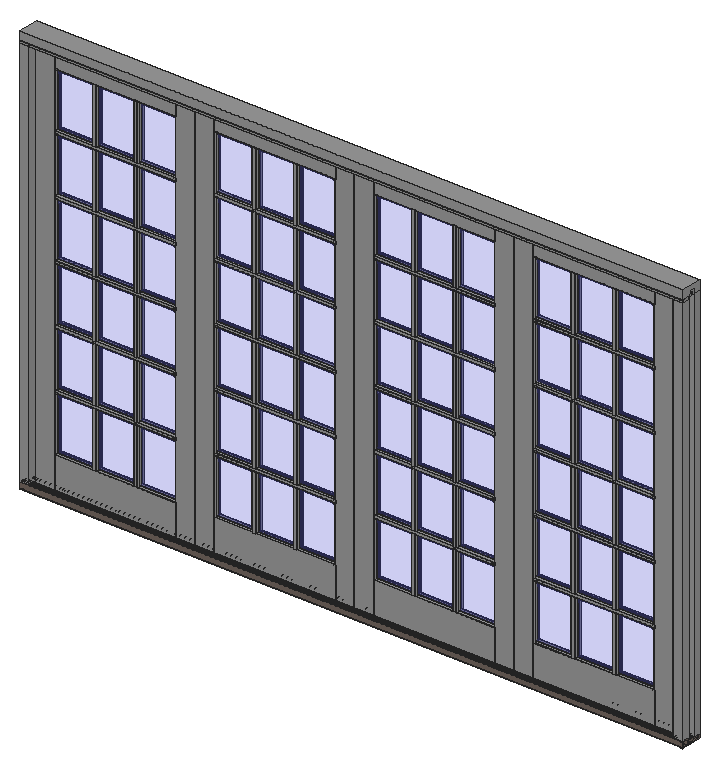
Revit family "VSFA 3390 SP RH", category Doors, host Wall, Revit 2015 (continued)
Automatic sketch dimensions
  Extrusion 15 sketch curve to Extrusion 15 sketch curve = 13 mm  (x3)
  Extrusion 15 sketch curve to Extrusion 15 sketch curve = 0 mm  (x2)
  host wall to Extrusion 15 sketch curve = 5.5 mm
  Extrusion 15 sketch curve to Extrusion 15 sketch curve = 180.34 mm
  Extrusion 15 sketch curve to Extrusion 15 sketch curve = 8 mm
  host wall to Extrusion 15 sketch curve = 13.5 mm
  Extrusion 15 sketch curve to Extrusion 15 sketch curve = 6 mm
  Extrusion 15 sketch curve to Extrusion 15 sketch curve = 1.197 mm  (x2)
  Extrusion 15 sketch curve to host wall = 24.5 mm  (x2)
  Sweep 16 sketch curve to plane 13 = 96 mm
  Sweep 16 sketch curve to Sweep 16 sketch curve = 198.34 mm
  plane 5 to Sweep 16 sketch curve = 425.012 mm
  plane 5 to Sweep 16 sketch curve = 141 mm
  profile plane to Sweep 16 sketch curve = 0 mm
  profile plane to Sweep 16 sketch curve = 0.241 mm
  Sweep 16 sketch curve to Sweep 16 sketch curve = 6.759 mm
  Sweep 16 sketch curve to Sweep 16 sketch curve = 2 mm  (x2)
  Sweep 16 sketch curve to profile plane = 86 mm
  Sweep 16 sketch curve to Sweep 16 sketch curve = 6 mm
  Sweep 17 sketch curve to plane 13 = 307.34 mm
  Sweep 17 sketch curve to Sweep 17 sketch curve = 198.34 mm
  plane 5 to Sweep 17 sketch curve = 425.012 mm
  plane 5 to Sweep 17 sketch curve = 141 mm
  profile plane to Sweep 17 sketch curve = 0 mm
  profile plane to Sweep 17 sketch curve = 0.241 mm
  Sweep 17 sketch curve to Sweep 17 sketch curve = 6.759 mm
  Sweep 17 sketch curve to Sweep 17 sketch curve = 2 mm  (x2)
  Sweep 17 sketch curve to profile plane = 86 mm
  Sweep 17 sketch curve to Sweep 17 sketch curve = 6 mm
  plane 4 "Right" to Sweep 18 sketch curve = 373.82 mm
  plane 4 "Right" to Sweep 18 sketch curve = 175.48 mm
  plane 5 to Sweep 18 sketch curve = 425.012 mm
  plane 5 to Sweep 18 sketch curve = 141 mm
  profile plane to Sweep 18 sketch curve = 0 mm
  profile plane to Sweep 18 sketch curve = 0.241 mm
  Sweep 18 sketch curve to Sweep 18 sketch curve = 6.759 mm
  Sweep 18 sketch curve to Sweep 18 sketch curve = 2 mm  (x2)
  Sweep 18 sketch curve to profile plane = 86 mm
  Sweep 18 sketch curve to Sweep 18 sketch curve = 6 mm
  host wall to Extrusion 19 sketch curve = 7.5 mm  (x3)
  Extrusion 19 sketch curve to plane 13 = 285.34 mm
  Extrusion 19 sketch curve to Extrusion 19 sketch curve = 2 mm  (x8)
  Extrusion 19 sketch curve to Extrusion 19 sketch curve = 6.759 mm  (x4)
  Extrusion 19 sketch curve to Extrusion 19 sketch curve = 0.241 mm  (x6)
  Extrusion 19 sketch curve to Extrusion 19 sketch curve = 13 mm  (x3)
  Extrusion 19 sketch curve to Extrusion 19 sketch curve = 0 mm  (x2)
  host wall to Extrusion 19 sketch curve = 5.5 mm
  Extrusion 19 sketch curve to Extrusion 19 sketch curve = 180.34 mm
  Extrusion 19 sketch curve to Extrusion 19 sketch curve = 8 mm
  host wall to Extrusion 19 sketch curve = 13.5 mm
  Extrusion 19 sketch curve to Extrusion 19 sketch curve = 6 mm
  Extrusion 19 sketch curve to Extrusion 19 sketch curve = 1.197 mm  (x2)
  Extrusion 19 sketch curve to host wall = 24.5 mm  (x2)
  Sweep 20 sketch curve to plane 13 = 96 mm
  Sweep 20 sketch curve to Sweep 20 sketch curve = 198.34 mm
  plane 5 to Sweep 20 sketch curve = 722.012 mm
  Sweep 20 sketch curve to Sweep 20 sketch curve = 284.012 mm
  profile plane to Sweep 20 sketch curve = 0 mm
  profile plane to Sweep 20 sketch curve = 0.241 mm
  Sweep 20 sketch curve to Sweep 20 sketch curve = 6.759 mm
  Sweep 20 sketch curve to Sweep 20 sketch curve = 2 mm  (x2)
  Sweep 20 sketch curve to profile plane = 86 mm
  Sweep 20 sketch curve to Sweep 20 sketch curve = 6 mm
  Sweep 21 sketch curve to plane 13 = 307.34 mm
  Sweep 21 sketch curve to Sweep 21 sketch curve = 198.34 mm
  plane 5 to Sweep 21 sketch curve = 722.012 mm
  Sweep 21 sketch curve to Sweep 21 sketch curve = 284.012 mm
  profile plane to Sweep 21 sketch curve = 0 mm
  profile plane to Sweep 21 sketch curve = 0.241 mm
  Sweep 21 sketch curve to Sweep 21 sketch curve = 6.759 mm
  Sweep 21 sketch curve to Sweep 21 sketch curve = 2 mm  (x2)
  Sweep 21 sketch curve to profile plane = 86 mm
  Sweep 21 sketch curve to Sweep 21 sketch curve = 6 mm
  plane 4 "Right" to Sweep 22 sketch curve = 373.82 mm
  plane 4 "Right" to Sweep 22 sketch curve = 175.48 mm
  plane 5 to Sweep 22 sketch curve = 722.012 mm
  Sweep 22 sketch curve to Sweep 22 sketch curve = 284.012 mm
  profile plane to Sweep 22 sketch curve = 0 mm
  profile plane to Sweep 22 sketch curve = 0.241 mm
  Sweep 22 sketch curve to Sweep 22 sketch curve = 6.759 mm
  Sweep 22 sketch curve to Sweep 22 sketch curve = 2 mm  (x2)
  Sweep 22 sketch curve to profile plane = 86 mm
  Sweep 22 sketch curve to Sweep 22 sketch curve = 6 mm
  host wall to Extrusion 23 sketch curve = 7.5 mm  (x3)
  Extrusion 23 sketch curve to plane 13 = 285.34 mm
  Extrusion 23 sketch curve to Extrusion 23 sketch curve = 2 mm  (x8)
  Extrusion 23 sketch curve to Extrusion 23 sketch curve = 6.759 mm  (x4)
  Extrusion 23 sketch curve to Extrusion 23 sketch curve = 0.241 mm  (x6)
  Extrusion 23 sketch curve to Extrusion 23 sketch curve = 13 mm  (x3)
  Extrusion 23 sketch curve to Extrusion 23 sketch curve = 0 mm  (x2)
  host wall to Extrusion 23 sketch curve = 5.5 mm
  Extrusion 23 sketch curve to Extrusion 23 sketch curve = 180.34 mm
  Extrusion 23 sketch curve to Extrusion 23 sketch curve = 8 mm
  host wall to Extrusion 23 sketch curve = 13.5 mm
  Extrusion 23 sketch curve to Extrusion 23 sketch curve = 6 mm
  Extrusion 23 sketch curve to Extrusion 23 sketch curve = 1.197 mm  (x2)
  Extrusion 23 sketch curve to host wall = 24.5 mm  (x2)
  Sweep 24 sketch curve to plane 13 = 96 mm
  Sweep 24 sketch curve to Sweep 24 sketch curve = 198.34 mm
  plane 5 to Sweep 24 sketch curve = 1019.012 mm
  Sweep 24 sketch curve to Sweep 24 sketch curve = 284.012 mm
  profile plane to Sweep 24 sketch curve = 0 mm
  profile plane to Sweep 24 sketch curve = 0.241 mm
  Sweep 24 sketch curve to Sweep 24 sketch curve = 6.759 mm
  Sweep 24 sketch curve to Sweep 24 sketch curve = 2 mm  (x2)
  Sweep 24 sketch curve to profile plane = 86 mm
  Sweep 24 sketch curve to Sweep 24 sketch curve = 6 mm
  Sweep 25 sketch curve to plane 13 = 307.34 mm
  Sweep 25 sketch curve to Sweep 25 sketch curve = 198.34 mm
  plane 5 to Sweep 25 sketch curve = 1019.012 mm
  Sweep 25 sketch curve to Sweep 25 sketch curve = 284.012 mm
  profile plane to Sweep 25 sketch curve = 0 mm
  profile plane to Sweep 25 sketch curve = 0.241 mm
  Sweep 25 sketch curve to Sweep 25 sketch curve = 6.759 mm
  Sweep 25 sketch curve to Sweep 25 sketch curve = 2 mm  (x2)
  Sweep 25 sketch curve to profile plane = 86 mm
  Sweep 25 sketch curve to Sweep 25 sketch curve = 6 mm
  plane 4 "Right" to Sweep 26 sketch curve = 373.82 mm
  plane 4 "Right" to Sweep 26 sketch curve = 175.48 mm
  plane 5 to Sweep 26 sketch curve = 1019.012 mm
  Sweep 26 sketch curve to Sweep 26 sketch curve = 284.012 mm
  profile plane to Sweep 26 sketch curve = 0 mm
  profile plane to Sweep 26 sketch curve = 0.241 mm
  Sweep 26 sketch curve to Sweep 26 sketch curve = 6.759 mm
  Sweep 26 sketch curve to Sweep 26 sketch curve = 2 mm  (x2)
  Sweep 26 sketch curve to profile plane = 86 mm
  Sweep 26 sketch curve to Sweep 26 sketch curve = 6 mm
  host wall to Extrusion 27 sketch curve = 7.5 mm  (x3)
  Extrusion 27 sketch curve to plane 13 = 285.34 mm
  Extrusion 27 sketch curve to Extrusion 27 sketch curve = 2 mm  (x8)
  Extrusion 27 sketch curve to Extrusion 27 sketch curve = 6.759 mm  (x4)
  Extrusion 27 sketch curve to Extrusion 27 sketch curve = 0.241 mm  (x6)
  Extrusion 27 sketch curve to Extrusion 27 sketch curve = 13 mm  (x3)
  Extrusion 27 sketch curve to Extrusion 27 sketch curve = 0 mm  (x2)
  host wall to Extrusion 27 sketch curve = 5.5 mm
  Extrusion 27 sketch curve to Extrusion 27 sketch curve = 180.34 mm
  Extrusion 27 sketch curve to Extrusion 27 sketch curve = 8 mm
  host wall to Extrusion 27 sketch curve = 13.5 mm
  Extrusion 27 sketch curve to Extrusion 27 sketch curve = 6 mm
  Extrusion 27 sketch curve to Extrusion 27 sketch curve = 1.197 mm  (x2)
  Extrusion 27 sketch curve to host wall = 24.5 mm  (x2)
  Sweep 28 sketch curve to plane 13 = 96 mm
  Sweep 28 sketch curve to Sweep 28 sketch curve = 198.34 mm
  level to Sweep 28 sketch curve = 783.988 mm
  Sweep 28 sketch curve to Sweep 28 sketch curve = 284.012 mm
  profile plane to Sweep 28 sketch curve = 0 mm
  profile plane to Sweep 28 sketch curve = 0.241 mm
  Sweep 28 sketch curve to Sweep 28 sketch curve = 6.759 mm
  Sweep 28 sketch curve to Sweep 28 sketch curve = 2 mm  (x2)
  Sweep 28 sketch curve to profile plane = 86 mm
  Sweep 28 sketch curve to Sweep 28 sketch curve = 6 mm
  Sweep 29 sketch curve to plane 13 = 307.34 mm
  Sweep 29 sketch curve to Sweep 29 sketch curve = 198.34 mm
  level to Sweep 29 sketch curve = 783.988 mm
  Sweep 29 sketch curve to Sweep 29 sketch curve = 284.012 mm
  profile plane to Sweep 29 sketch curve = 0 mm
  profile plane to Sweep 29 sketch curve = 0.241 mm
  Sweep 29 sketch curve to Sweep 29 sketch curve = 6.759 mm
  Sweep 29 sketch curve to Sweep 29 sketch curve = 2 mm  (x2)
  Sweep 29 sketch curve to profile plane = 86 mm
  Sweep 29 sketch curve to Sweep 29 sketch curve = 6 mm
  plane 4 "Right" to Sweep 30 sketch curve = 373.82 mm
  plane 4 "Right" to Sweep 30 sketch curve = 175.48 mm
  level to Sweep 30 sketch curve = 783.988 mm
  Sweep 30 sketch curve to Sweep 30 sketch curve = 284.012 mm
  profile plane to Sweep 30 sketch curve = 0 mm
  profile plane to Sweep 30 sketch curve = 0.241 mm
  Sweep 30 sketch curve to Sweep 30 sketch curve = 6.759 mm
  Sweep 30 sketch curve to Sweep 30 sketch curve = 2 mm  (x2)
  Sweep 30 sketch curve to profile plane = 86 mm
  Sweep 30 sketch curve to Sweep 30 sketch curve = 6 mm
  host wall to Extrusion 31 sketch curve = 7.5 mm  (x3)
  Extrusion 31 sketch curve to plane 13 = 285.34 mm
  Extrusion 31 sketch curve to Extrusion 31 sketch curve = 2 mm  (x8)
  Extrusion 31 sketch curve to Extrusion 31 sketch curve = 6.759 mm  (x4)
  Extrusion 31 sketch curve to Extrusion 31 sketch curve = 0.241 mm  (x6)
  Extrusion 31 sketch curve to Extrusion 31 sketch curve = 13 mm  (x3)
  Extrusion 31 sketch curve to Extrusion 31 sketch curve = 0 mm  (x2)
  host wall to Extrusion 31 sketch curve = 5.5 mm
  Extrusion 31 sketch curve to Extrusion 31 sketch curve = 180.34 mm
  Extrusion 31 sketch curve to Extrusion 31 sketch curve = 8 mm
  host wall to Extrusion 31 sketch curve = 13.5 mm
  Extrusion 31 sketch curve to Extrusion 31 sketch curve = 6 mm
  Extrusion 31 sketch curve to Extrusion 31 sketch curve = 1.197 mm  (x2)
  Extrusion 31 sketch curve to host wall = 24.5 mm  (x2)
  Sweep 32 sketch curve to plane 13 = 96 mm
  Sweep 32 sketch curve to Sweep 32 sketch curve = 198.34 mm
  level to Sweep 32 sketch curve = 486.988 mm
  Sweep 32 sketch curve to Sweep 32 sketch curve = 284.012 mm
  profile plane to Sweep 32 sketch curve = 0 mm
  profile plane to Sweep 32 sketch curve = 0.241 mm
  Sweep 32 sketch curve to Sweep 32 sketch curve = 6.759 mm
  Sweep 32 sketch curve to Sweep 32 sketch curve = 2 mm  (x2)
  Sweep 32 sketch curve to profile plane = 86 mm
  Sweep 32 sketch curve to Sweep 32 sketch curve = 6 mm
  Sweep 33 sketch curve to plane 13 = 307.34 mm
  Sweep 33 sketch curve to Sweep 33 sketch curve = 198.34 mm
  level to Sweep 33 sketch curve = 486.988 mm
  Sweep 33 sketch curve to Sweep 33 sketch curve = 284.012 mm
  profile plane to Sweep 33 sketch curve = 0 mm
  profile plane to Sweep 33 sketch curve = 0.241 mm
  Sweep 33 sketch curve to Sweep 33 sketch curve = 6.759 mm
  Sweep 33 sketch curve to Sweep 33 sketch curve = 2 mm  (x2)
  Sweep 33 sketch curve to profile plane = 86 mm
  Sweep 33 sketch curve to Sweep 33 sketch curve = 6 mm
  plane 4 "Right" to Sweep 34 sketch curve = 373.82 mm
  plane 4 "Right" to Sweep 34 sketch curve = 175.48 mm
  level to Sweep 34 sketch curve = 486.988 mm
  Sweep 34 sketch curve to Sweep 34 sketch curve = 284.012 mm
  profile plane to Sweep 34 sketch curve = 0 mm
  profile plane to Sweep 34 sketch curve = 0.241 mm
  Sweep 34 sketch curve to Sweep 34 sketch curve = 6.759 mm
  Sweep 34 sketch curve to Sweep 34 sketch curve = 2 mm  (x2)
  Sweep 34 sketch curve to profile plane = 86 mm
  Sweep 34 sketch curve to Sweep 34 sketch curve = 6 mm
  host wall to Extrusion 35 sketch curve = 7.5 mm  (x3)
  Extrusion 35 sketch curve to plane 13 = 285.34 mm
  Extrusion 35 sketch curve to Extrusion 35 sketch curve = 2 mm  (x8)
  Extrusion 35 sketch curve to Extrusion 35 sketch curve = 6.759 mm  (x4)
  Extrusion 35 sketch curve to Extrusion 35 sketch curve = 0.241 mm  (x6)
  Extrusion 35 sketch curve to Extrusion 35 sketch curve = 13 mm  (x3)
  Extrusion 35 sketch curve to Extrusion 35 sketch curve = 0 mm  (x2)
  host wall to Extrusion 35 sketch curve = 5.5 mm
  Extrusion 35 sketch curve to Extrusion 35 sketch curve = 180.34 mm
  Extrusion 35 sketch curve to Extrusion 35 sketch curve = 8 mm
  host wall to Extrusion 35 sketch curve = 13.5 mm
  Extrusion 35 sketch curve to Extrusion 35 sketch curve = 6 mm
  Extrusion 35 sketch curve to Extrusion 35 sketch curve = 1.197 mm  (x2)
  Extrusion 35 sketch curve to host wall = 24.5 mm  (x2)
  Sweep 36 sketch curve to plane 13 = 96 mm
  Sweep 36 sketch curve to Sweep 36 sketch curve = 198.34 mm
  level to Sweep 36 sketch curve = 189.988 mm
  Sweep 36 sketch curve to Sweep 36 sketch curve = 284.012 mm
  profile plane to Sweep 36 sketch curve = 0 mm
  profile plane to Sweep 36 sketch curve = 0.241 mm
  Sweep 36 sketch curve to Sweep 36 sketch curve = 6.759 mm
  Sweep 36 sketch curve to Sweep 36 sketch curve = 2 mm  (x2)
  Sweep 36 sketch curve to profile plane = 86 mm
  Sweep 36 sketch curve to Sweep 36 sketch curve = 6 mm
  Sweep 37 sketch curve to plane 13 = 307.34 mm
  Sweep 37 sketch curve to Sweep 37 sketch curve = 198.34 mm
  level to Sweep 37 sketch curve = 189.988 mm
  Sweep 37 sketch curve to Sweep 37 sketch curve = 284.012 mm
  profile plane to Sweep 37 sketch curve = 0 mm
  profile plane to Sweep 37 sketch curve = 0.241 mm
  Sweep 37 sketch curve to Sweep 37 sketch curve = 6.759 mm
  Sweep 37 sketch curve to Sweep 37 sketch curve = 2 mm  (x2)
  Sweep 37 sketch curve to profile plane = 86 mm
  Sweep 37 sketch curve to Sweep 37 sketch curve = 6 mm
  plane 4 "Right" to Sweep 38 sketch curve = 373.82 mm
  plane 4 "Right" to Sweep 38 sketch curve = 175.48 mm
  level to Sweep 38 sketch curve = 189.988 mm
  Sweep 38 sketch curve to Sweep 38 sketch curve = 284.012 mm
  profile plane to Sweep 38 sketch curve = 0 mm
  profile plane to Sweep 38 sketch curve = 0.241 mm
  Sweep 38 sketch curve to Sweep 38 sketch curve = 6.759 mm
  Sweep 38 sketch curve to Sweep 38 sketch curve = 2 mm  (x2)
  Sweep 38 sketch curve to profile plane = 86 mm
  Sweep 38 sketch curve to Sweep 38 sketch curve = 6 mm
  host wall to Extrusion 39 sketch curve = 15.5 mm  (x7)
  Extrusion 39 sketch curve to Extrusion 39 sketch curve = 2 mm  (x28)
  host wall to Extrusion 39 sketch curve = 7.5 mm  (x12)
  host wall to Extrusion 39 sketch curve = 6.697 mm  (x12)
  Extrusion 39 sketch curve to Extrusion 39 sketch curve = 1.197 mm  (x8)
  Extrusion 39 sketch curve to host wall = 24.5 mm  (x7)
  level to Extrusion 39 sketch curve = 19 mm
  Extrusion 39 sketch curve to Extrusion 39 sketch curve = 171 mm
  Extrusion 39 sketch curve to Extrusion 39 sketch curve = 0 mm  (x4)
  Extrusion 39 sketch curve to Extrusion 39 sketch curve = 0.241 mm  (x12)
  Extrusion 39 sketch curve to Extrusion 39 sketch curve = 266 mm  (x5)
  Extrusion 39 sketch curve to Extrusion 39 sketch curve = 6.759 mm  (x6)
  Extrusion 39 sketch curve to Extrusion 39 sketch curve = 13 mm  (x7)
  plane 5 to Extrusion 39 sketch curve = 150 mm
  plane 5 to Extrusion 39 sketch curve = 45 mm
  plane 2 "Center (Left/Right)" to Extrusion 40 sketch curve = 82.5 mm  (x2)
  Extrusion 40 sketch curve to Extrusion 40 sketch curve = 0 mm  (x31)
  Extrusion 40 sketch curve to Extrusion 40 sketch curve = 198.34 mm  (x6)
  Extrusion 40 sketch curve to Extrusion 40 sketch curve = 13 mm  (x7)
  plane 12 to Extrusion 40 sketch curve = 95.98 mm  (x3)
  level to Extrusion 40 sketch curve = 189.988 mm  (x2)
  Extrusion 40 sketch curve to Extrusion 40 sketch curve = 284.012 mm  (x5)
  Extrusion 40 sketch curve to Extrusion 40 sketch curve = 12.988 mm  (x15)
  plane 5 to Extrusion 40 sketch curve = 141 mm
  host wall to Extrusion 41 sketch curve = 7.5 mm  (x3)
  plane 2 "Center (Left/Right)" to Extrusion 41 sketch curve = 271.84 mm
  Extrusion 41 sketch curve to Extrusion 41 sketch curve = 2 mm  (x8)
  Extrusion 41 sketch curve to Extrusion 41 sketch curve = 6.759 mm  (x4)
  Extrusion 41 sketch curve to Extrusion 41 sketch curve = 0.241 mm  (x6)
  Extrusion 41 sketch curve to Extrusion 41 sketch curve = 13 mm  (x3)
  Extrusion 41 sketch curve to Extrusion 41 sketch curve = 0 mm  (x2)
  host wall to Extrusion 41 sketch curve = 5.5 mm
  Extrusion 41 sketch curve to Extrusion 41 sketch curve = 180.34 mm
  Extrusion 41 sketch curve to Extrusion 41 sketch curve = 8 mm
  host wall to Extrusion 41 sketch curve = 13.5 mm
  Extrusion 41 sketch curve to Extrusion 41 sketch curve = 6 mm
  Extrusion 41 sketch curve to Extrusion 41 sketch curve = 1.197 mm  (x2)
  Extrusion 41 sketch curve to host wall = 24.5 mm  (x2)
  plane 2 "Center (Left/Right)" to Sweep 42 sketch curve = 82.5 mm
  Sweep 42 sketch curve to Sweep 42 sketch curve = 198.34 mm
  plane 5 to Sweep 42 sketch curve = 425.012 mm
  plane 5 to Sweep 42 sketch curve = 141 mm
  profile plane to Sweep 42 sketch curve = 0 mm
  profile plane to Sweep 42 sketch curve = 0.241 mm
  Sweep 42 sketch curve to Sweep 42 sketch curve = 6.759 mm
  Sweep 42 sketch curve to Sweep 42 sketch curve = 2 mm  (x2)
  Sweep 42 sketch curve to profile plane = 86 mm
  Sweep 42 sketch curve to Sweep 42 sketch curve = 6 mm
  plane 2 "Center (Left/Right)" to Sweep 43 sketch curve = 293.84 mm
  Sweep 43 sketch curve to Sweep 43 sketch curve = 198.34 mm
  plane 5 to Sweep 43 sketch curve = 425.012 mm
  plane 5 to Sweep 43 sketch curve = 141 mm
  profile plane to Sweep 43 sketch curve = 0 mm
  profile plane to Sweep 43 sketch curve = 0.241 mm
  Sweep 43 sketch curve to Sweep 43 sketch curve = 6.759 mm
  Sweep 43 sketch curve to Sweep 43 sketch curve = 2 mm  (x2)
  Sweep 43 sketch curve to profile plane = 86 mm
  Sweep 43 sketch curve to Sweep 43 sketch curve = 6 mm
  plane 12 to Sweep 44 sketch curve = 294.32 mm
  plane 12 to Sweep 44 sketch curve = 95.98 mm
  plane 5 to Sweep 44 sketch curve = 425.012 mm
  plane 5 to Sweep 44 sketch curve = 141 mm
  profile plane to Sweep 44 sketch curve = 0 mm
  profile plane to Sweep 44 sketch curve = 0.241 mm
  Sweep 44 sketch curve to Sweep 44 sketch curve = 6.759 mm
  Sweep 44 sketch curve to Sweep 44 sketch curve = 2 mm  (x2)
  Sweep 44 sketch curve to profile plane = 86 mm
  Sweep 44 sketch curve to Sweep 44 sketch curve = 6 mm
  host wall to Extrusion 45 sketch curve = 7.5 mm  (x3)
  plane 2 "Center (Left/Right)" to Extrusion 45 sketch curve = 271.84 mm
  Extrusion 45 sketch curve to Extrusion 45 sketch curve = 2 mm  (x8)
  Extrusion 45 sketch curve to Extrusion 45 sketch curve = 6.759 mm  (x4)
  Extrusion 45 sketch curve to Extrusion 45 sketch curve = 0.241 mm  (x6)
  Extrusion 45 sketch curve to Extrusion 45 sketch curve = 13 mm  (x3)
  Extrusion 45 sketch curve to Extrusion 45 sketch curve = 0 mm  (x2)
  host wall to Extrusion 45 sketch curve = 5.5 mm
  Extrusion 45 sketch curve to Extrusion 45 sketch curve = 180.34 mm
  Extrusion 45 sketch curve to Extrusion 45 sketch curve = 8 mm
  host wall to Extrusion 45 sketch curve = 13.5 mm
  Extrusion 45 sketch curve to Extrusion 45 sketch curve = 6 mm
  Extrusion 45 sketch curve to Extrusion 45 sketch curve = 1.197 mm  (x2)
  Extrusion 45 sketch curve to host wall = 24.5 mm  (x2)
  plane 2 "Center (Left/Right)" to Sweep 46 sketch curve = 82.5 mm
  Sweep 46 sketch curve to Sweep 46 sketch curve = 198.34 mm
  plane 5 to Sweep 46 sketch curve = 722.012 mm
  Sweep 46 sketch curve to Sweep 46 sketch curve = 284.012 mm
  profile plane to Sweep 46 sketch curve = 0 mm
  profile plane to Sweep 46 sketch curve = 0.241 mm
  Sweep 46 sketch curve to Sweep 46 sketch curve = 6.759 mm
  Sweep 46 sketch curve to Sweep 46 sketch curve = 2 mm  (x2)
  Sweep 46 sketch curve to profile plane = 86 mm
  Sweep 46 sketch curve to Sweep 46 sketch curve = 6 mm
  plane 2 "Center (Left/Right)" to Sweep 47 sketch curve = 293.84 mm
  Sweep 47 sketch curve to Sweep 47 sketch curve = 198.34 mm
  plane 5 to Sweep 47 sketch curve = 722.012 mm
  Sweep 47 sketch curve to Sweep 47 sketch curve = 284.012 mm
  profile plane to Sweep 47 sketch curve = 0 mm
  profile plane to Sweep 47 sketch curve = 0.241 mm
  Sweep 47 sketch curve to Sweep 47 sketch curve = 6.759 mm
  Sweep 47 sketch curve to Sweep 47 sketch curve = 2 mm  (x2)
  Sweep 47 sketch curve to profile plane = 86 mm
  Sweep 47 sketch curve to Sweep 47 sketch curve = 6 mm
  plane 12 to Sweep 48 sketch curve = 294.32 mm
  plane 12 to Sweep 48 sketch curve = 95.98 mm
  plane 5 to Sweep 48 sketch curve = 722.012 mm
  Sweep 48 sketch curve to Sweep 48 sketch curve = 284.012 mm
  profile plane to Sweep 48 sketch curve = 0 mm
  profile plane to Sweep 48 sketch curve = 0.241 mm
  Sweep 48 sketch curve to Sweep 48 sketch curve = 6.759 mm
  Sweep 48 sketch curve to Sweep 48 sketch curve = 2 mm  (x2)
  Sweep 48 sketch curve to profile plane = 86 mm
  Sweep 48 sketch curve to Sweep 48 sketch curve = 6 mm
  host wall to Extrusion 49 sketch curve = 7.5 mm  (x3)
  plane 2 "Center (Left/Right)" to Extrusion 49 sketch curve = 271.84 mm
  Extrusion 49 sketch curve to Extrusion 49 sketch curve = 2 mm  (x8)
  Extrusion 49 sketch curve to Extrusion 49 sketch curve = 6.759 mm  (x4)
  Extrusion 49 sketch curve to Extrusion 49 sketch curve = 0.241 mm  (x6)
  Extrusion 49 sketch curve to Extrusion 49 sketch curve = 13 mm  (x3)
  Extrusion 49 sketch curve to Extrusion 49 sketch curve = 0 mm  (x2)
  host wall to Extrusion 49 sketch curve = 5.5 mm
  Extrusion 49 sketch curve to Extrusion 49 sketch curve = 180.34 mm
  Extrusion 49 sketch curve to Extrusion 49 sketch curve = 8 mm
  host wall to Extrusion 49 sketch curve = 13.5 mm
  Extrusion 49 sketch curve to Extrusion 49 sketch curve = 6 mm
  Extrusion 49 sketch curve to Extrusion 49 sketch curve = 1.197 mm  (x2)
  Extrusion 49 sketch curve to host wall = 24.5 mm  (x2)
  plane 2 "Center (Left/Right)" to Sweep 50 sketch curve = 82.5 mm
  Sweep 50 sketch curve to Sweep 50 sketch curve = 198.34 mm
  plane 5 to Sweep 50 sketch curve = 1019.012 mm
  Sweep 50 sketch curve to Sweep 50 sketch curve = 284.012 mm
  profile plane to Sweep 50 sketch curve = 0 mm
  profile plane to Sweep 50 sketch curve = 0.241 mm
  Sweep 50 sketch curve to Sweep 50 sketch curve = 6.759 mm
  Sweep 50 sketch curve to Sweep 50 sketch curve = 2 mm  (x2)
  Sweep 50 sketch curve to profile plane = 86 mm
  Sweep 50 sketch curve to Sweep 50 sketch curve = 6 mm
  plane 2 "Center (Left/Right)" to Sweep 51 sketch curve = 293.84 mm
  Sweep 51 sketch curve to Sweep 51 sketch curve = 198.34 mm
  plane 5 to Sweep 51 sketch curve = 1019.012 mm
  Sweep 51 sketch curve to Sweep 51 sketch curve = 284.012 mm
  profile plane to Sweep 51 sketch curve = 0 mm
  profile plane to Sweep 51 sketch curve = 0.241 mm
  Sweep 51 sketch curve to Sweep 51 sketch curve = 6.759 mm
  Sweep 51 sketch curve to Sweep 51 sketch curve = 2 mm  (x2)
  Sweep 51 sketch curve to profile plane = 86 mm
  Sweep 51 sketch curve to Sweep 51 sketch curve = 6 mm
  plane 12 to Sweep 52 sketch curve = 294.32 mm
  plane 12 to Sweep 52 sketch curve = 95.98 mm
  plane 5 to Sweep 52 sketch curve = 1019.012 mm
  Sweep 52 sketch curve to Sweep 52 sketch curve = 284.012 mm
  profile plane to Sweep 52 sketch curve = 0 mm
  profile plane to Sweep 52 sketch curve = 0.241 mm
  Sweep 52 sketch curve to Sweep 52 sketch curve = 6.759 mm
  Sweep 52 sketch curve to Sweep 52 sketch curve = 2 mm  (x2)
  Sweep 52 sketch curve to profile plane = 86 mm
  Sweep 52 sketch curve to Sweep 52 sketch curve = 6 mm
  host wall to Extrusion 53 sketch curve = 7.5 mm  (x3)
  plane 2 "Center (Left/Right)" to Extrusion 53 sketch curve = 271.84 mm
  Extrusion 53 sketch curve to Extrusion 53 sketch curve = 2 mm  (x8)
  Extrusion 53 sketch curve to Extrusion 53 sketch curve = 6.759 mm  (x4)
  Extrusion 53 sketch curve to Extrusion 53 sketch curve = 0.241 mm  (x6)
  Extrusion 53 sketch curve to Extrusion 53 sketch curve = 13 mm  (x3)
  Extrusion 53 sketch curve to Extrusion 53 sketch curve = 0 mm  (x2)
  host wall to Extrusion 53 sketch curve = 5.5 mm
  Extrusion 53 sketch curve to Extrusion 53 sketch curve = 180.34 mm
  Extrusion 53 sketch curve to Extrusion 53 sketch curve = 8 mm
  host wall to Extrusion 53 sketch curve = 13.5 mm
  Extrusion 53 sketch curve to Extrusion 53 sketch curve = 6 mm
  Extrusion 53 sketch curve to Extrusion 53 sketch curve = 1.197 mm  (x2)
  Extrusion 53 sketch curve to host wall = 24.5 mm  (x2)
  plane 2 "Center (Left/Right)" to Sweep 54 sketch curve = 82.5 mm
  Sweep 54 sketch curve to Sweep 54 sketch curve = 198.34 mm
  level to Sweep 54 sketch curve = 783.988 mm
  Sweep 54 sketch curve to Sweep 54 sketch curve = 284.012 mm
  profile plane to Sweep 54 sketch curve = 0 mm
  profile plane to Sweep 54 sketch curve = 0.241 mm
  Sweep 54 sketch curve to Sweep 54 sketch curve = 6.759 mm
  Sweep 54 sketch curve to Sweep 54 sketch curve = 2 mm  (x2)
  Sweep 54 sketch curve to profile plane = 86 mm
  Sweep 54 sketch curve to Sweep 54 sketch curve = 6 mm
  plane 2 "Center (Left/Right)" to Sweep 55 sketch curve = 293.84 mm
  Sweep 55 sketch curve to Sweep 55 sketch curve = 198.34 mm
  level to Sweep 55 sketch curve = 783.988 mm
  Sweep 55 sketch curve to Sweep 55 sketch curve = 284.012 mm
  profile plane to Sweep 55 sketch curve = 0 mm
  profile plane to Sweep 55 sketch curve = 0.241 mm
  Sweep 55 sketch curve to Sweep 55 sketch curve = 6.759 mm
  Sweep 55 sketch curve to Sweep 55 sketch curve = 2 mm  (x2)
  Sweep 55 sketch curve to profile plane = 86 mm
  Sweep 55 sketch curve to Sweep 55 sketch curve = 6 mm
  plane 12 to Sweep 56 sketch curve = 294.32 mm
  plane 12 to Sweep 56 sketch curve = 95.98 mm
  level to Sweep 56 sketch curve = 783.988 mm
  Sweep 56 sketch curve to Sweep 56 sketch curve = 284.012 mm
  profile plane to Sweep 56 sketch curve = 0 mm
  profile plane to Sweep 56 sketch curve = 0.241 mm
  Sweep 56 sketch curve to Sweep 56 sketch curve = 6.759 mm
  Sweep 56 sketch curve to Sweep 56 sketch curve = 2 mm  (x2)
  Sweep 56 sketch curve to profile plane = 86 mm
  Sweep 56 sketch curve to Sweep 56 sketch curve = 6 mm
  host wall to Extrusion 57 sketch curve = 7.5 mm  (x3)
  plane 2 "Center (Left/Right)" to Extrusion 57 sketch curve = 271.84 mm
  Extrusion 57 sketch curve to Extrusion 57 sketch curve = 2 mm  (x8)
  Extrusion 57 sketch curve to Extrusion 57 sketch curve = 6.759 mm  (x4)
  Extrusion 57 sketch curve to Extrusion 57 sketch curve = 0.241 mm  (x6)
  Extrusion 57 sketch curve to Extrusion 57 sketch curve = 13 mm  (x3)
  Extrusion 57 sketch curve to Extrusion 57 sketch curve = 0 mm  (x2)
  host wall to Extrusion 57 sketch curve = 5.5 mm
  Extrusion 57 sketch curve to Extrusion 57 sketch curve = 180.34 mm
  Extrusion 57 sketch curve to Extrusion 57 sketch curve = 8 mm
  host wall to Extrusion 57 sketch curve = 13.5 mm
  Extrusion 57 sketch curve to Extrusion 57 sketch curve = 6 mm
  Extrusion 57 sketch curve to Extrusion 57 sketch curve = 1.197 mm  (x2)
  Extrusion 57 sketch curve to host wall = 24.5 mm  (x2)
  plane 2 "Center (Left/Right)" to Sweep 58 sketch curve = 82.5 mm
  Sweep 58 sketch curve to Sweep 58 sketch curve = 198.34 mm
  level to Sweep 58 sketch curve = 486.988 mm
  Sweep 58 sketch curve to Sweep 58 sketch curve = 284.012 mm
  profile plane to Sweep 58 sketch curve = 0 mm
  profile plane to Sweep 58 sketch curve = 0.241 mm
  Sweep 58 sketch curve to Sweep 58 sketch curve = 6.759 mm
  Sweep 58 sketch curve to Sweep 58 sketch curve = 2 mm  (x2)
  Sweep 58 sketch curve to profile plane = 86 mm
  Sweep 58 sketch curve to Sweep 58 sketch curve = 6 mm
  plane 2 "Center (Left/Right)" to Sweep 59 sketch curve = 293.84 mm
  Sweep 59 sketch curve to Sweep 59 sketch curve = 198.34 mm
  level to Sweep 59 sketch curve = 486.988 mm
  Sweep 59 sketch curve to Sweep 59 sketch curve = 284.012 mm
  profile plane to Sweep 59 sketch curve = 0 mm
  profile plane to Sweep 59 sketch curve = 0.241 mm
  Sweep 59 sketch curve to Sweep 59 sketch curve = 6.759 mm
  Sweep 59 sketch curve to Sweep 59 sketch curve = 2 mm  (x2)
  Sweep 59 sketch curve to profile plane = 86 mm
  Sweep 59 sketch curve to Sweep 59 sketch curve = 6 mm
  plane 12 to Sweep 60 sketch curve = 294.32 mm
  plane 12 to Sweep 60 sketch curve = 95.98 mm
  level to Sweep 60 sketch curve = 486.988 mm
  Sweep 60 sketch curve to Sweep 60 sketch curve = 284.012 mm
  profile plane to Sweep 60 sketch curve = 0 mm
  profile plane to Sweep 60 sketch curve = 0.241 mm
  Sweep 60 sketch curve to Sweep 60 sketch curve = 6.759 mm
  Sweep 60 sketch curve to Sweep 60 sketch curve = 2 mm  (x2)
  Sweep 60 sketch curve to profile plane = 86 mm
  Sweep 60 sketch curve to Sweep 60 sketch curve = 6 mm
  host wall to Extrusion 61 sketch curve = 7.5 mm  (x3)
  plane 2 "Center (Left/Right)" to Extrusion 61 sketch curve = 271.84 mm
  Extrusion 61 sketch curve to Extrusion 61 sketch curve = 2 mm  (x8)
  Extrusion 61 sketch curve to Extrusion 61 sketch curve = 6.759 mm  (x4)
  Extrusion 61 sketch curve to Extrusion 61 sketch curve = 0.241 mm  (x6)
  Extrusion 61 sketch curve to Extrusion 61 sketch curve = 13 mm  (x3)
  Extrusion 61 sketch curve to Extrusion 61 sketch curve = 0 mm  (x2)
  host wall to Extrusion 61 sketch curve = 5.5 mm
  Extrusion 61 sketch curve to Extrusion 61 sketch curve = 180.34 mm
  Extrusion 61 sketch curve to Extrusion 61 sketch curve = 8 mm
  host wall to Extrusion 61 sketch curve = 13.5 mm
  Extrusion 61 sketch curve to Extrusion 61 sketch curve = 6 mm
  Extrusion 61 sketch curve to Extrusion 61 sketch curve = 1.197 mm  (x2)
  Extrusion 61 sketch curve to host wall = 24.5 mm  (x2)
  plane 2 "Center (Left/Right)" to Sweep 62 sketch curve = 82.5 mm
  Sweep 62 sketch curve to Sweep 62 sketch curve = 198.34 mm
  level to Sweep 62 sketch curve = 189.988 mm
  Sweep 62 sketch curve to Sweep 62 sketch curve = 284.012 mm
  profile plane to Sweep 62 sketch curve = 0 mm
  profile plane to Sweep 62 sketch curve = 0.241 mm
  Sweep 62 sketch curve to Sweep 62 sketch curve = 6.759 mm
  Sweep 62 sketch curve to Sweep 62 sketch curve = 2 mm  (x2)
  Sweep 62 sketch curve to profile plane = 86 mm
  Sweep 62 sketch curve to Sweep 62 sketch curve = 6 mm
  plane 2 "Center (Left/Right)" to Sweep 63 sketch curve = 293.84 mm
  Sweep 63 sketch curve to Sweep 63 sketch curve = 198.34 mm
  level to Sweep 63 sketch curve = 189.988 mm
  Sweep 63 sketch curve to Sweep 63 sketch curve = 284.012 mm
  profile plane to Sweep 63 sketch curve = 0 mm
  profile plane to Sweep 63 sketch curve = 0.241 mm
  Sweep 63 sketch curve to Sweep 63 sketch curve = 6.759 mm
  Sweep 63 sketch curve to Sweep 63 sketch curve = 2 mm  (x2)
  Sweep 63 sketch curve to profile plane = 86 mm
  Sweep 63 sketch curve to Sweep 63 sketch curve = 6 mm
  plane 12 to Sweep 64 sketch curve = 294.32 mm
  plane 12 to Sweep 64 sketch curve = 95.98 mm
  level to Sweep 64 sketch curve = 189.988 mm
  Sweep 64 sketch curve to Sweep 64 sketch curve = 284.012 mm
  profile plane to Sweep 64 sketch curve = 0 mm
  profile plane to Sweep 64 sketch curve = 0.241 mm
  Sweep 64 sketch curve to Sweep 64 sketch curve = 6.759 mm
  Sweep 64 sketch curve to Sweep 64 sketch curve = 2 mm  (x2)
  Sweep 64 sketch curve to profile plane = 86 mm
  Sweep 64 sketch curve to Sweep 64 sketch curve = 6 mm
  host wall to Extrusion 65 sketch curve = 15.5 mm  (x7)
  Extrusion 65 sketch curve to Extrusion 65 sketch curve = 2 mm  (x28)
  host wall to Extrusion 65 sketch curve = 7.5 mm  (x12)
  host wall to Extrusion 65 sketch curve = 6.697 mm  (x12)
  Extrusion 65 sketch curve to Extrusion 65 sketch curve = 1.197 mm  (x8)
  Extrusion 65 sketch curve to host wall = 24.5 mm  (x7)
  level to Extrusion 65 sketch curve = 19 mm
  Extrusion 65 sketch curve to Extrusion 65 sketch curve = 171 mm
  Extrusion 65 sketch curve to Extrusion 65 sketch curve = 0 mm  (x4)
  Extrusion 65 sketch curve to Extrusion 65 sketch curve = 0.241 mm  (x12)
  Extrusion 65 sketch curve to Extrusion 65 sketch curve = 266 mm  (x5)
  Extrusion 65 sketch curve to Extrusion 65 sketch curve = 6.759 mm  (x6)
  Extrusion 65 sketch curve to Extrusion 65 sketch curve = 13 mm  (x7)
  plane 5 to Extrusion 65 sketch curve = 150 mm
  plane 5 to Extrusion 65 sketch curve = 45 mm
  Extrusion 66 sketch curve to plane 9 = 96 mm  (x2)
  Extrusion 66 sketch curve to Extrusion 66 sketch curve = 0 mm  (x31)
  Extrusion 66 sketch curve to Extrusion 66 sketch curve = 198.34 mm  (x6)
  Extrusion 66 sketch curve to Extrusion 66 sketch curve = 13 mm  (x7)
  plane 10 to Extrusion 66 sketch curve = 95.98 mm  (x3)
  level to Extrusion 66 sketch curve = 189.988 mm  (x2)
  Extrusion 66 sketch curve to Extrusion 66 sketch curve = 284.012 mm  (x5)
  Extrusion 66 sketch curve to Extrusion 66 sketch curve = 12.988 mm  (x15)
  plane 5 to Extrusion 66 sketch curve = 141 mm
  host wall to Extrusion 67 sketch curve = 7.5 mm  (x3)
  Extrusion 67 sketch curve to plane 9 = 285.34 mm
  Extrusion 67 sketch curve to Extrusion 67 sketch curve = 2 mm  (x8)
  Extrusion 67 sketch curve to Extrusion 67 sketch curve = 6.759 mm  (x4)
  Extrusion 67 sketch curve to Extrusion 67 sketch curve = 0.241 mm  (x6)
  Extrusion 67 sketch curve to Extrusion 67 sketch curve = 13 mm  (x3)
  Extrusion 67 sketch curve to Extrusion 67 sketch curve = 0 mm  (x2)
  host wall to Extrusion 67 sketch curve = 5.5 mm
  Extrusion 67 sketch curve to Extrusion 67 sketch curve = 180.34 mm
  Extrusion 67 sketch curve to Extrusion 67 sketch curve = 8 mm
  host wall to Extrusion 67 sketch curve = 13.5 mm
  Extrusion 67 sketch curve to Extrusion 67 sketch curve = 6 mm
  Extrusion 67 sketch curve to Extrusion 67 sketch curve = 1.197 mm  (x2)
  Extrusion 67 sketch curve to host wall = 24.5 mm  (x2)
  Sweep 68 sketch curve to plane 9 = 96 mm
  Sweep 68 sketch curve to Sweep 68 sketch curve = 198.34 mm
  plane 5 to Sweep 68 sketch curve = 425.012 mm
  plane 5 to Sweep 68 sketch curve = 141 mm
  profile plane to Sweep 68 sketch curve = 0 mm
  profile plane to Sweep 68 sketch curve = 0.241 mm
  Sweep 68 sketch curve to Sweep 68 sketch curve = 6.759 mm
  Sweep 68 sketch curve to Sweep 68 sketch curve = 2 mm  (x2)
  Sweep 68 sketch curve to profile plane = 86 mm
  Sweep 68 sketch curve to Sweep 68 sketch curve = 6 mm
  Sweep 69 sketch curve to plane 9 = 307.34 mm
  Sweep 69 sketch curve to Sweep 69 sketch curve = 198.34 mm
  plane 5 to Sweep 69 sketch curve = 425.012 mm
  plane 5 to Sweep 69 sketch curve = 141 mm
  profile plane to Sweep 69 sketch curve = 0 mm
  profile plane to Sweep 69 sketch curve = 0.241 mm
  Sweep 69 sketch curve to Sweep 69 sketch curve = 6.759 mm
  Sweep 69 sketch curve to Sweep 69 sketch curve = 2 mm  (x2)
  Sweep 69 sketch curve to profile plane = 86 mm
  Sweep 69 sketch curve to Sweep 69 sketch curve = 6 mm
  plane 10 to Sweep 70 sketch curve = 294.32 mm
  plane 10 to Sweep 70 sketch curve = 95.98 mm
  plane 5 to Sweep 70 sketch curve = 425.012 mm
  plane 5 to Sweep 70 sketch curve = 141 mm
  profile plane to Sweep 70 sketch curve = 0 mm
  profile plane to Sweep 70 sketch curve = 0.241 mm
  Sweep 70 sketch curve to Sweep 70 sketch curve = 6.759 mm
  Sweep 70 sketch curve to Sweep 70 sketch curve = 2 mm  (x2)
  Sweep 70 sketch curve to profile plane = 86 mm
  Sweep 70 sketch curve to Sweep 70 sketch curve = 6 mm
  host wall to Extrusion 71 sketch curve = 7.5 mm  (x3)
  Extrusion 71 sketch curve to plane 9 = 285.34 mm
  Extrusion 71 sketch curve to Extrusion 71 sketch curve = 2 mm  (x8)
  Extrusion 71 sketch curve to Extrusion 71 sketch curve = 6.759 mm  (x4)
  Extrusion 71 sketch curve to Extrusion 71 sketch curve = 0.241 mm  (x6)
  Extrusion 71 sketch curve to Extrusion 71 sketch curve = 13 mm  (x3)
  Extrusion 71 sketch curve to Extrusion 71 sketch curve = 0 mm  (x2)
  host wall to Extrusion 71 sketch curve = 5.5 mm
  Extrusion 71 sketch curve to Extrusion 71 sketch curve = 180.34 mm
  Extrusion 71 sketch curve to Extrusion 71 sketch curve = 8 mm
  host wall to Extrusion 71 sketch curve = 13.5 mm
  Extrusion 71 sketch curve to Extrusion 71 sketch curve = 6 mm
  Extrusion 71 sketch curve to Extrusion 71 sketch curve = 1.197 mm  (x2)
  Extrusion 71 sketch curve to host wall = 24.5 mm  (x2)
  Sweep 72 sketch curve to plane 9 = 96 mm
  Sweep 72 sketch curve to Sweep 72 sketch curve = 198.34 mm
  plane 5 to Sweep 72 sketch curve = 722.012 mm
  Sweep 72 sketch curve to Sweep 72 sketch curve = 284.012 mm
  profile plane to Sweep 72 sketch curve = 0 mm
  profile plane to Sweep 72 sketch curve = 0.241 mm
  Sweep 72 sketch curve to Sweep 72 sketch curve = 6.759 mm
  Sweep 72 sketch curve to Sweep 72 sketch curve = 2 mm  (x2)
  Sweep 72 sketch curve to profile plane = 86 mm
  Sweep 72 sketch curve to Sweep 72 sketch curve = 6 mm
  Sweep 73 sketch curve to plane 9 = 307.34 mm
  Sweep 73 sketch curve to Sweep 73 sketch curve = 198.34 mm
  plane 5 to Sweep 73 sketch curve = 722.012 mm
  Sweep 73 sketch curve to Sweep 73 sketch curve = 284.012 mm
  profile plane to Sweep 73 sketch curve = 0 mm
  profile plane to Sweep 73 sketch curve = 0.241 mm
  Sweep 73 sketch curve to Sweep 73 sketch curve = 6.759 mm
  Sweep 73 sketch curve to Sweep 73 sketch curve = 2 mm  (x2)
  Sweep 73 sketch curve to profile plane = 86 mm
  Sweep 73 sketch curve to Sweep 73 sketch curve = 6 mm
  plane 10 to Sweep 74 sketch curve = 294.32 mm
  plane 10 to Sweep 74 sketch curve = 95.98 mm
  plane 5 to Sweep 74 sketch curve = 722.012 mm
  Sweep 74 sketch curve to Sweep 74 sketch curve = 284.012 mm
  profile plane to Sweep 74 sketch curve = 0 mm
  profile plane to Sweep 74 sketch curve = 0.241 mm
  Sweep 74 sketch curve to Sweep 74 sketch curve = 6.759 mm
  Sweep 74 sketch curve to Sweep 74 sketch curve = 2 mm  (x2)
  Sweep 74 sketch curve to profile plane = 86 mm
  Sweep 74 sketch curve to Sweep 74 sketch curve = 6 mm
  host wall to Extrusion 75 sketch curve = 7.5 mm  (x3)
  Extrusion 75 sketch curve to plane 9 = 285.34 mm
  Extrusion 75 sketch curve to Extrusion 75 sketch curve = 2 mm  (x8)
  Extrusion 75 sketch curve to Extrusion 75 sketch curve = 6.759 mm  (x4)
  Extrusion 75 sketch curve to Extrusion 75 sketch curve = 0.241 mm  (x6)
  Extrusion 75 sketch curve to Extrusion 75 sketch curve = 13 mm  (x3)
  Extrusion 75 sketch curve to Extrusion 75 sketch curve = 0 mm  (x2)
  host wall to Extrusion 75 sketch curve = 5.5 mm
  Extrusion 75 sketch curve to Extrusion 75 sketch curve = 180.34 mm
  Extrusion 75 sketch curve to Extrusion 75 sketch curve = 8 mm
  host wall to Extrusion 75 sketch curve = 13.5 mm
  Extrusion 75 sketch curve to Extrusion 75 sketch curve = 6 mm
  Extrusion 75 sketch curve to Extrusion 75 sketch curve = 1.197 mm  (x2)
  Extrusion 75 sketch curve to host wall = 24.5 mm  (x2)
  Sweep 76 sketch curve to plane 9 = 96 mm
  Sweep 76 sketch curve to Sweep 76 sketch curve = 198.34 mm
  plane 5 to Sweep 76 sketch curve = 1019.012 mm
  Sweep 76 sketch curve to Sweep 76 sketch curve = 284.012 mm
  profile plane to Sweep 76 sketch curve = 0 mm
  profile plane to Sweep 76 sketch curve = 0.241 mm
  Sweep 76 sketch curve to Sweep 76 sketch curve = 6.759 mm
  Sweep 76 sketch curve to Sweep 76 sketch curve = 2 mm  (x2)
  Sweep 76 sketch curve to profile plane = 86 mm
  Sweep 76 sketch curve to Sweep 76 sketch curve = 6 mm
  Sweep 77 sketch curve to plane 9 = 307.34 mm
  Sweep 77 sketch curve to Sweep 77 sketch curve = 198.34 mm
  plane 5 to Sweep 77 sketch curve = 1019.012 mm
  Sweep 77 sketch curve to Sweep 77 sketch curve = 284.012 mm
  profile plane to Sweep 77 sketch curve = 0 mm
  profile plane to Sweep 77 sketch curve = 0.241 mm
  Sweep 77 sketch curve to Sweep 77 sketch curve = 6.759 mm
  Sweep 77 sketch curve to Sweep 77 sketch curve = 2 mm  (x2)
  Sweep 77 sketch curve to profile plane = 86 mm
  Sweep 77 sketch curve to Sweep 77 sketch curve = 6 mm
  plane 10 to Sweep 78 sketch curve = 294.32 mm
  plane 10 to Sweep 78 sketch curve = 95.98 mm
  plane 5 to Sweep 78 sketch curve = 1019.012 mm
  Sweep 78 sketch curve to Sweep 78 sketch curve = 284.012 mm
  profile plane to Sweep 78 sketch curve = 0 mm
  profile plane to Sweep 78 sketch curve = 0.241 mm
  Sweep 78 sketch curve to Sweep 78 sketch curve = 6.759 mm
  Sweep 78 sketch curve to Sweep 78 sketch curve = 2 mm  (x2)
  Sweep 78 sketch curve to profile plane = 86 mm
  Sweep 78 sketch curve to Sweep 78 sketch curve = 6 mm
  host wall to Extrusion 79 sketch curve = 7.5 mm  (x3)
  Extrusion 79 sketch curve to plane 9 = 285.34 mm
  Extrusion 79 sketch curve to Extrusion 79 sketch curve = 2 mm  (x8)
  Extrusion 79 sketch curve to Extrusion 79 sketch curve = 6.759 mm  (x4)
  Extrusion 79 sketch curve to Extrusion 79 sketch curve = 0.241 mm  (x6)
  Extrusion 79 sketch curve to Extrusion 79 sketch curve = 13 mm  (x3)
  Extrusion 79 sketch curve to Extrusion 79 sketch curve = 0 mm  (x2)
  host wall to Extrusion 79 sketch curve = 5.5 mm
  Extrusion 79 sketch curve to Extrusion 79 sketch curve = 180.34 mm
  Extrusion 79 sketch curve to Extrusion 79 sketch curve = 8 mm
  host wall to Extrusion 79 sketch curve = 13.5 mm
  Extrusion 79 sketch curve to Extrusion 79 sketch curve = 6 mm
  Extrusion 79 sketch curve to Extrusion 79 sketch curve = 1.197 mm  (x2)
  Extrusion 79 sketch curve to host wall = 24.5 mm  (x2)
  Sweep 80 sketch curve to plane 9 = 96 mm
  Sweep 80 sketch curve to Sweep 80 sketch curve = 198.34 mm
  level to Sweep 80 sketch curve = 783.988 mm
  Sweep 80 sketch curve to Sweep 80 sketch curve = 284.012 mm
  profile plane to Sweep 80 sketch curve = 0 mm
  profile plane to Sweep 80 sketch curve = 0.241 mm
  Sweep 80 sketch curve to Sweep 80 sketch curve = 6.759 mm
  Sweep 80 sketch curve to Sweep 80 sketch curve = 2 mm  (x2)
  Sweep 80 sketch curve to profile plane = 86 mm
  Sweep 80 sketch curve to Sweep 80 sketch curve = 6 mm
  Sweep 81 sketch curve to plane 9 = 307.34 mm
  Sweep 81 sketch curve to Sweep 81 sketch curve = 198.34 mm
  level to Sweep 81 sketch curve = 783.988 mm
  Sweep 81 sketch curve to Sweep 81 sketch curve = 284.012 mm
  profile plane to Sweep 81 sketch curve = 0 mm
  profile plane to Sweep 81 sketch curve = 0.241 mm
  Sweep 81 sketch curve to Sweep 81 sketch curve = 6.759 mm
  Sweep 81 sketch curve to Sweep 81 sketch curve = 2 mm  (x2)
  Sweep 81 sketch curve to profile plane = 86 mm
  Sweep 81 sketch curve to Sweep 81 sketch curve = 6 mm
  plane 10 to Sweep 82 sketch curve = 294.32 mm
  plane 10 to Sweep 82 sketch curve = 95.98 mm
  level to Sweep 82 sketch curve = 783.988 mm
  Sweep 82 sketch curve to Sweep 82 sketch curve = 284.012 mm
  profile plane to Sweep 82 sketch curve = 0 mm
  profile plane to Sweep 82 sketch curve = 0.241 mm
  Sweep 82 sketch curve to Sweep 82 sketch curve = 6.759 mm
  Sweep 82 sketch curve to Sweep 82 sketch curve = 2 mm  (x2)
  Sweep 82 sketch curve to profile plane = 86 mm
  Sweep 82 sketch curve to Sweep 82 sketch curve = 6 mm
  host wall to Extrusion 83 sketch curve = 7.5 mm  (x3)
  Extrusion 83 sketch curve to plane 9 = 285.34 mm
  Extrusion 83 sketch curve to Extrusion 83 sketch curve = 2 mm  (x8)
  Extrusion 83 sketch curve to Extrusion 83 sketch curve = 6.759 mm  (x4)
  Extrusion 83 sketch curve to Extrusion 83 sketch curve = 0.241 mm  (x6)
  Extrusion 83 sketch curve to Extrusion 83 sketch curve = 13 mm  (x3)
  Extrusion 83 sketch curve to Extrusion 83 sketch curve = 0 mm  (x2)
  host wall to Extrusion 83 sketch curve = 5.5 mm
  Extrusion 83 sketch curve to Extrusion 83 sketch curve = 180.34 mm
  Extrusion 83 sketch curve to Extrusion 83 sketch curve = 8 mm
  host wall to Extrusion 83 sketch curve = 13.5 mm
  Extrusion 83 sketch curve to Extrusion 83 sketch curve = 6 mm
  Extrusion 83 sketch curve to Extrusion 83 sketch curve = 1.197 mm  (x2)
  Extrusion 83 sketch curve to host wall = 24.5 mm  (x2)
  Sweep 84 sketch curve to plane 9 = 96 mm
  Sweep 84 sketch curve to Sweep 84 sketch curve = 198.34 mm
  level to Sweep 84 sketch curve = 486.988 mm
  Sweep 84 sketch curve to Sweep 84 sketch curve = 284.012 mm
  profile plane to Sweep 84 sketch curve = 0 mm
  profile plane to Sweep 84 sketch curve = 0.241 mm
  Sweep 84 sketch curve to Sweep 84 sketch curve = 6.759 mm
  Sweep 84 sketch curve to Sweep 84 sketch curve = 2 mm  (x2)
  Sweep 84 sketch curve to profile plane = 86 mm
  Sweep 84 sketch curve to Sweep 84 sketch curve = 6 mm
  Sweep 85 sketch curve to plane 9 = 307.34 mm
  Sweep 85 sketch curve to Sweep 85 sketch curve = 198.34 mm
  level to Sweep 85 sketch curve = 486.988 mm
  Sweep 85 sketch curve to Sweep 85 sketch curve = 284.012 mm
  profile plane to Sweep 85 sketch curve = 0 mm
  profile plane to Sweep 85 sketch curve = 0.241 mm
  Sweep 85 sketch curve to Sweep 85 sketch curve = 6.759 mm
  Sweep 85 sketch curve to Sweep 85 sketch curve = 2 mm  (x2)
  Sweep 85 sketch curve to profile plane = 86 mm
  Sweep 85 sketch curve to Sweep 85 sketch curve = 6 mm
  plane 10 to Sweep 86 sketch curve = 294.32 mm
  plane 10 to Sweep 86 sketch curve = 95.98 mm
  level to Sweep 86 sketch curve = 486.988 mm
  Sweep 86 sketch curve to Sweep 86 sketch curve = 284.012 mm
  profile plane to Sweep 86 sketch curve = 0 mm
  profile plane to Sweep 86 sketch curve = 0.241 mm
  Sweep 86 sketch curve to Sweep 86 sketch curve = 6.759 mm
  Sweep 86 sketch curve to Sweep 86 sketch curve = 2 mm  (x2)
  Sweep 86 sketch curve to profile plane = 86 mm
  Sweep 86 sketch curve to Sweep 86 sketch curve = 6 mm
  host wall to Extrusion 87 sketch curve = 7.5 mm  (x3)
  Extrusion 87 sketch curve to plane 9 = 285.34 mm
  Extrusion 87 sketch curve to Extrusion 87 sketch curve = 2 mm  (x8)
  Extrusion 87 sketch curve to Extrusion 87 sketch curve = 6.759 mm  (x4)
  Extrusion 87 sketch curve to Extrusion 87 sketch curve = 0.241 mm  (x6)
  Extrusion 87 sketch curve to Extrusion 87 sketch curve = 13 mm  (x3)
  Extrusion 87 sketch curve to Extrusion 87 sketch curve = 0 mm  (x2)
  host wall to Extrusion 87 sketch curve = 5.5 mm
  Extrusion 87 sketch curve to Extrusion 87 sketch curve = 180.34 mm
  Extrusion 87 sketch curve to Extrusion 87 sketch curve = 8 mm
  host wall to Extrusion 87 sketch curve = 13.5 mm
  Extrusion 87 sketch curve to Extrusion 87 sketch curve = 6 mm
  Extrusion 87 sketch curve to Extrusion 87 sketch curve = 1.197 mm  (x2)
  Extrusion 87 sketch curve to host wall = 24.5 mm  (x2)
  Sweep 88 sketch curve to plane 9 = 96 mm
  Sweep 88 sketch curve to Sweep 88 sketch curve = 198.34 mm
  level to Sweep 88 sketch curve = 189.988 mm
  Sweep 88 sketch curve to Sweep 88 sketch curve = 284.012 mm
  profile plane to Sweep 88 sketch curve = 0 mm
  profile plane to Sweep 88 sketch curve = 0.241 mm
  Sweep 88 sketch curve to Sweep 88 sketch curve = 6.759 mm
  Sweep 88 sketch curve to Sweep 88 sketch curve = 2 mm  (x2)
  Sweep 88 sketch curve to profile plane = 86 mm
  Sweep 88 sketch curve to Sweep 88 sketch curve = 6 mm
  Sweep 89 sketch curve to plane 9 = 307.34 mm
  Sweep 89 sketch curve to Sweep 89 sketch curve = 198.34 mm
  level to Sweep 89 sketch curve = 189.988 mm
  Sweep 89 sketch curve to Sweep 89 sketch curve = 284.012 mm
  profile plane to Sweep 89 sketch curve = 0 mm
  profile plane to Sweep 89 sketch curve = 0.241 mm
  Sweep 89 sketch curve to Sweep 89 sketch curve = 6.759 mm
  Sweep 89 sketch curve to Sweep 89 sketch curve = 2 mm  (x2)
  Sweep 89 sketch curve to profile plane = 86 mm
  Sweep 89 sketch curve to Sweep 89 sketch curve = 6 mm
  plane 10 to Sweep 90 sketch curve = 294.32 mm
  plane 10 to Sweep 90 sketch curve = 95.98 mm
  level to Sweep 90 sketch curve = 189.988 mm
  Sweep 90 sketch curve to Sweep 90 sketch curve = 284.012 mm
  profile plane to Sweep 90 sketch curve = 0 mm
  profile plane to Sweep 90 sketch curve = 0.241 mm
  Sweep 90 sketch curve to Sweep 90 sketch curve = 6.759 mm
  Sweep 90 sketch curve to Sweep 90 sketch curve = 2 mm  (x2)
  Sweep 90 sketch curve to profile plane = 86 mm
  Sweep 90 sketch curve to Sweep 90 sketch curve = 6 mm
  host wall to Extrusion 91 sketch curve = 15.5 mm  (x7)
  Extrusion 91 sketch curve to Extrusion 91 sketch curve = 2 mm  (x28)
  host wall to Extrusion 91 sketch curve = 7.5 mm  (x12)
  host wall to Extrusion 91 sketch curve = 6.697 mm  (x12)
  Extrusion 91 sketch curve to Extrusion 91 sketch curve = 1.197 mm  (x8)
  Extrusion 91 sketch curve to host wall = 24.5 mm  (x7)
  level to Extrusion 91 sketch curve = 19 mm
  Extrusion 91 sketch curve to Extrusion 91 sketch curve = 171 mm
  Extrusion 91 sketch curve to Extrusion 91 sketch curve = 0 mm  (x4)
  Extrusion 91 sketch curve to Extrusion 91 sketch curve = 0.241 mm  (x12)
  Extrusion 91 sketch curve to Extrusion 91 sketch curve = 266 mm  (x5)
  Extrusion 91 sketch curve to Extrusion 91 sketch curve = 6.759 mm  (x6)
  Extrusion 91 sketch curve to Extrusion 91 sketch curve = 13 mm  (x7)
  plane 5 to Extrusion 91 sketch curve = 150 mm
  plane 5 to Extrusion 91 sketch curve = 45 mm
  Extrusion 92 sketch curve to plane 3 "Left" = 145.5 mm  (x2)
  Extrusion 92 sketch curve to Extrusion 92 sketch curve = 0 mm  (x31)
  Extrusion 92 sketch curve to Extrusion 92 sketch curve = 198.34 mm  (x6)
  Extrusion 92 sketch curve to Extrusion 92 sketch curve = 13 mm  (x7)
  plane 8 to Extrusion 92 sketch curve = 95.98 mm  (x3)
  level to Extrusion 92 sketch curve = 189.988 mm  (x2)
  Extrusion 92 sketch curve to Extrusion 92 sketch curve = 284.012 mm  (x5)
  Extrusion 92 sketch curve to Extrusion 92 sketch curve = 12.988 mm  (x15)
  plane 5 to Extrusion 92 sketch curve = 141 mm
  host wall to Extrusion 93 sketch curve = 7.5 mm  (x3)
  Extrusion 93 sketch curve to plane 3 "Left" = 334.84 mm
  Extrusion 93 sketch curve to Extrusion 93 sketch curve = 2 mm  (x8)
  Extrusion 93 sketch curve to Extrusion 93 sketch curve = 6.759 mm  (x4)
  Extrusion 93 sketch curve to Extrusion 93 sketch curve = 0.241 mm  (x6)
  Extrusion 93 sketch curve to Extrusion 93 sketch curve = 13 mm  (x3)
  Extrusion 93 sketch curve to Extrusion 93 sketch curve = 0 mm  (x2)
  host wall to Extrusion 93 sketch curve = 5.5 mm
  Extrusion 93 sketch curve to Extrusion 93 sketch curve = 180.34 mm
  Extrusion 93 sketch curve to Extrusion 93 sketch curve = 8 mm
  host wall to Extrusion 93 sketch curve = 13.5 mm
  Extrusion 93 sketch curve to Extrusion 93 sketch curve = 6 mm
  Extrusion 93 sketch curve to Extrusion 93 sketch curve = 1.197 mm  (x2)
  Extrusion 93 sketch curve to host wall = 24.5 mm  (x2)
  Sweep 94 sketch curve to plane 3 "Left" = 145.5 mm
  Sweep 94 sketch curve to Sweep 94 sketch curve = 198.34 mm
  plane 5 to Sweep 94 sketch curve = 425.012 mm
  plane 5 to Sweep 94 sketch curve = 141 mm
  profile plane to Sweep 94 sketch curve = 0 mm
  profile plane to Sweep 94 sketch curve = 0.241 mm
  Sweep 94 sketch curve to Sweep 94 sketch curve = 6.759 mm
  Sweep 94 sketch curve to Sweep 94 sketch curve = 2 mm  (x2)
  Sweep 94 sketch curve to profile plane = 86 mm
  Sweep 94 sketch curve to Sweep 94 sketch curve = 6 mm
  Sweep 95 sketch curve to plane 3 "Left" = 356.84 mm
  Sweep 95 sketch curve to Sweep 95 sketch curve = 198.34 mm
  plane 5 to Sweep 95 sketch curve = 425.012 mm
  plane 5 to Sweep 95 sketch curve = 141 mm
  profile plane to Sweep 95 sketch curve = 0 mm
  profile plane to Sweep 95 sketch curve = 0.241 mm
  Sweep 95 sketch curve to Sweep 95 sketch curve = 6.759 mm
  Sweep 95 sketch curve to Sweep 95 sketch curve = 2 mm  (x2)
  Sweep 95 sketch curve to profile plane = 86 mm
  Sweep 95 sketch curve to Sweep 95 sketch curve = 6 mm
  plane 8 to Sweep 96 sketch curve = 294.32 mm
  plane 8 to Sweep 96 sketch curve = 95.98 mm
  plane 5 to Sweep 96 sketch curve = 425.012 mm
  plane 5 to Sweep 96 sketch curve = 141 mm
  profile plane to Sweep 96 sketch curve = 0 mm
  profile plane to Sweep 96 sketch curve = 0.241 mm
  Sweep 96 sketch curve to Sweep 96 sketch curve = 6.759 mm
  Sweep 96 sketch curve to Sweep 96 sketch curve = 2 mm  (x2)
  Sweep 96 sketch curve to profile plane = 86 mm
  Sweep 96 sketch curve to Sweep 96 sketch curve = 6 mm
  host wall to Extrusion 97 sketch curve = 7.5 mm  (x3)
  Extrusion 97 sketch curve to plane 3 "Left" = 334.84 mm
  Extrusion 97 sketch curve to Extrusion 97 sketch curve = 2 mm  (x8)
  Extrusion 97 sketch curve to Extrusion 97 sketch curve = 6.759 mm  (x4)
  Extrusion 97 sketch curve to Extrusion 97 sketch curve = 0.241 mm  (x6)
  Extrusion 97 sketch curve to Extrusion 97 sketch curve = 13 mm  (x3)
  Extrusion 97 sketch curve to Extrusion 97 sketch curve = 0 mm  (x2)
  host wall to Extrusion 97 sketch curve = 5.5 mm
  Extrusion 97 sketch curve to Extrusion 97 sketch curve = 180.34 mm
  Extrusion 97 sketch curve to Extrusion 97 sketch curve = 8 mm
  host wall to Extrusion 97 sketch curve = 13.5 mm
  Extrusion 97 sketch curve to Extrusion 97 sketch curve = 6 mm
  Extrusion 97 sketch curve to Extrusion 97 sketch curve = 1.197 mm  (x2)
  Extrusion 97 sketch curve to host wall = 24.5 mm  (x2)
  Sweep 98 sketch curve to plane 3 "Left" = 145.5 mm
  Sweep 98 sketch curve to Sweep 98 sketch curve = 198.34 mm
  plane 5 to Sweep 98 sketch curve = 722.012 mm
  Sweep 98 sketch curve to Sweep 98 sketch curve = 284.012 mm
  profile plane to Sweep 98 sketch curve = 0 mm
  profile plane to Sweep 98 sketch curve = 0.241 mm
  Sweep 98 sketch curve to Sweep 98 sketch curve = 6.759 mm
  Sweep 98 sketch curve to Sweep 98 sketch curve = 2 mm  (x2)
  Sweep 98 sketch curve to profile plane = 86 mm
  Sweep 98 sketch curve to Sweep 98 sketch curve = 6 mm
  Sweep 99 sketch curve to plane 3 "Left" = 356.84 mm
